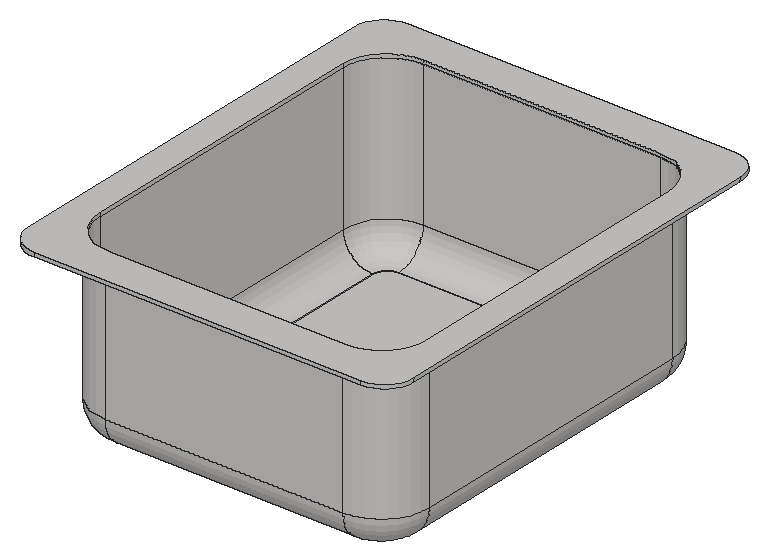
Revit family "QF_Vollrath_212560", category Specialty Equipment, Revit 2016
Family settings
  Part Type = Normal
  Round Connector Dimension = Use Diameter
  OmniClass Number = 23.40.40.14.31
  OmniClass Title = Cleaning and Disposal Equipment
  Work Plane-Based = Yes
  Always vertical = Yes
  Cut with Voids When Loaded = No
  Shared = No
  Room Calculation Point = No
Parameters
  Width = 1' - 1"
  Weight in Pounds = 0
  Watermarked By = "http://revitwatermark.com"
  URL Cutsheet = ""
  Status [instance] = ""
  Specification by User [instance] = ""
  Specification by Manufacturer [instance] = ""
  Sink Width = 0' - 11"
  Sink Depth = 1' - 1 17/32"
  Sink Basin Depth = 0' - 6"
  Serial Number [instance] = ""
  Seismic Rating [instance] = ""
  SMACNA No [instance] = ""
  Revision Code [instance] = ""
  NAFEM Spec ID Number [instance] = ""
  Model = "212560"
  Masterspec [instance] = ""
  Manufacturer = "Vollrath"
  Item Number [instance] = "-"
  Installed By [instance] = ""
  Indirect Waste Size = 2"
  Indirect Waste Flow [instance] = 0.00 GPM
  Indirect Waste Connection Type [instance] = ""
  Indirect Waste Connection Height [instance] = 0' - 0"
  Furnished By [instance] = ""
  Foodservice Equipment Identifier [instance] = yes
  Description = "Bar Sink"  # constant formula
  Depth = 1' - 3 3/4"
  Default Elevation = 4' - 0"
  CSI MasterFormat = ""
  Assembly Code = ""
Reference planes (in)
  plane 1 "BACK": y = 0
  plane 2 "BOTTOM": z = 0
  plane 3 "LEFT": x = 0
  plane 4 "RIGHT": x = 13
  plane 5 "FRONT": y = -15.75
  plane 6: x = 6.5
  plane 7: y = -7.98437
  plane 8 "Sink Bottom": z = -6
  plane 9: y = -3.875
Forms (in)
  Sweep 1, solid, material "QF_Finishes_Stainless Steel"
    path origin (0, 0, 0) x (1, 0, 0) y (0, 1, 0)
      loop
        arc (2.5, -1.25) -> (1.43934, -1.68934) -> (1, -2.75) r 1.5
        line (1, -2.75) -> (1, -13)
        arc (1, -13) -> (1.43934, -14.06066) -> (2.5, -14.5) r 1.5
        line (2.5, -14.5) -> (10.5, -14.5)
        arc (10.5, -14.5) -> (11.56066, -14.06066) -> (12, -13) r 1.5
        line (12, -13) -> (12, -2.75)
        arc (12, -2.75) -> (11.56066, -1.68934) -> (10.5, -1.25) r 1.5
        line (10.5, -1.25) -> (2.5, -1.25)
    profile origin (6.5, -1.25, 0) x (0, 1, 0) y (0, 0, 1)
      loop
        line (0, 0) -> (0, -4.875)
        arc (0, -4.875) -> (-0.29289, -5.58211) -> (-1, -5.875) r 1
        line (-1, -5.875) -> (-1, -6)
        arc (-1, -6) -> (-0.2045, -5.6705) -> (0.125, -4.875) r 1.125
        line (0.125, -4.875) -> (0.125, 0) -> (0, 0)
  Extrusion 2, solid, material "QF_Finishes_Stainless Steel"
    sketch origin (0, 0, 0) x (1, 0, 0) y (0, 1, 0)
      loop
        line (1, -15.75) -> (12, -15.75)
        arc (12, -15.75) -> (12.70711, -15.45711) -> (13, -14.75) r 1
        line (13, -14.75) -> (13, -1)
        arc (13, -1) -> (12.70711, -0.29289) -> (12, 0) r 1
        line (12, 0) -> (1, 0)
        arc (1, 0) -> (0.29289, -0.29289) -> (0, -1) r 1
        line (0, -1) -> (0, -14.75)
        arc (0, -14.75) -> (0.29289, -15.45711) -> (1, -15.75) r 1
      loop
        arc (12, -2.75) -> (11.56066, -1.68934) -> (10.5, -1.25) r 1.5
        line (10.5, -1.25) -> (2.5, -1.25)
        arc (2.5, -1.25) -> (1.43934, -1.68934) -> (1, -2.75) r 1.5
        line (1, -2.75) -> (1, -13)
        arc (1, -13) -> (1.43934, -14.06066) -> (2.5, -14.5) r 1.5
        line (2.5, -14.5) -> (10.5, -14.5)
        arc (10.5, -14.5) -> (11.56066, -14.06066) -> (12, -13) r 1.5
        line (12, -13) -> (12, -2.75)
    from 0 to 0.125
  Extrusion 3, solid, material "QF_Finishes_Stainless Steel"
    sketch origin (0, 0, -6) x (-1, 0, 0) y (0, -1, 0)
      loop
        line (-10.5, 2.25) -> (-2.5, 2.25)
        arc (-2.5, 2.25) -> (-2.14645, 2.39645) -> (-2, 2.75) r 0.5
        line (-2, 2.75) -> (-2, 13)
        arc (-2, 13) -> (-2.14645, 13.35355) -> (-2.5, 13.5) r 0.5
        line (-2.5, 13.5) -> (-10.5, 13.5)
        arc (-10.5, 13.5) -> (-10.85355, 13.35355) -> (-11, 13) r 0.5
        line (-11, 13) -> (-11, 2.75)
        arc (-11, 2.75) -> (-10.85355, 2.39645) -> (-10.5, 2.25) r 0.5
      loop
        circle (-6.5, 3.875) r 1
    from 0 to 0.125
Lines and regions (in)
  symbolic lines
    curve 1: line (1, 0, -6) -> (12, 0, -6)
    curve 2: arc (1, 0, -6) -> (0.29289, -0.29289, -6) -> (0, -1, -6) r 1
    curve 3: line (0, -14.75, -6) -> (0, -1, -6)
    curve 4: arc (0, -14.75, -6) -> (0.29289, -15.45711, -6) -> (1, -15.75, -6) r 1
    curve 5: line (12, -15.75, -6) -> (1, -15.75, -6)
    curve 6: arc (12, -15.75, -6) -> (12.70711, -15.45711, -6) -> (13, -14.75, -6) r 1
    curve 7: line (13, -1, -6) -> (13, -14.75, -6)
    curve 8: arc (13, -1, -6) -> (12.70711, -0.29289, -6) -> (12, 0, -6) r 1
  symbolic lines, style "QF_Surface Details"
    curve 9: circle (6.5, -3.875, -6) r 1 normal (0, 0, -1)
    curve 10: arc (5.5, -3.875, -6) -> (6.5, -2.875, -6) -> (7.5, -3.875, -6) r 1
    curve 11: line (10.5, -1.25, -6) -> (2.5, -1.25, -6)
    curve 12: arc (1, -2.75, -6) -> (1.43934, -1.68934, -6) -> (2.5, -1.25, -6) r 1.5
    curve 13: line (1, -2.75, -6) -> (1, -13, -6)
    curve 14: arc (2.5, -14.5, -6) -> (1.43934, -14.06066, -6) -> (1, -13, -6) r 1.5
    curve 15: line (2.5, -14.5, -6) -> (10.5, -14.5, -6)
    curve 16: arc (12, -13, -6) -> (11.56066, -14.06066, -6) -> (10.5, -14.5, -6) r 1.5
    curve 17: line (12, -13, -6) -> (12, -2.75, -6)
    curve 18: arc (10.5, -1.25, -6) -> (11.56066, -1.68934, -6) -> (12, -2.75, -6) r 1.5
Dimensions and locks (in)
  "Width": plane 3 "LEFT" to plane 4 "RIGHT"
  "Depth": plane 5 "FRONT" to plane 1 "BACK"
  "Sink Basin Depth": level to plane 8 "Sink Bottom"
  level to Sweep 1 sketch curve = 0' - 0"
  locked: plane 8 "Sink Bottom" to Sweep 1 sketch curve at 0.125
  aligned and locked: level to plane 2 "BOTTOM"
  aligned and locked: plane 8 "Sink Bottom" to Sweep 1 sketch curve
  aligned and locked: Extrusion 2 sketch curve to plane 3 "LEFT"
  aligned and locked: plane 5 "FRONT" to Extrusion 2 sketch curve
  aligned and locked: plane 4 "RIGHT" to Extrusion 2 sketch curve
  aligned and locked: Extrusion 2 sketch curve to plane 1 "BACK"
  aligned and locked: Sweep 1 sketch curve to Extrusion 2  (x4)
  aligned and locked: Extrusion 3 sketch curve to Sweep 1  (x4)
Automatic sketch dimensions
  Sweep 1 sketch curve to Sweep 1 sketch curve = 0' - 1"
  Sweep 1 sketch curve to Sweep 1 sketch curve = 0' - 0"  (x2)
  Sweep 1 sketch curve to profile plane = 0' - 0"
  plane 3 "LEFT" to Extrusion 2 sketch curve = 0' - 1"  (x3)
  Extrusion 2 sketch curve to Extrusion 2 sketch curve = 0' - 1 1/2"  (x2)
  plane 1 "BACK" to Extrusion 2 sketch curve = 0' - 1 1/4"
  Extrusion 2 sketch curve to plane 4 "RIGHT" = 0' - 2 1/2"  (x2)
  Extrusion 2 sketch curve to plane 5 "FRONT" = 0' - 1 1/4"
  Extrusion 2 sketch curve to plane 4 "RIGHT" = 0' - 1"  (x3)
  plane 3 "LEFT" to Sweep 1 sketch curve = 0' - 2 1/2"
  Sweep 1 sketch curve to Sweep 1 sketch curve = 0' - 1 1/2"  (x2)
  Sweep 1 sketch curve to plane 4 "RIGHT" = 0' - 2 1/2"
  Extrusion 3 sketch curve to plane 6 = 0' - 0"
  plane 9 to Extrusion 3 sketch curve = 0' - 0"
  Extrusion 3 sketch curve to Extrusion 3 sketch curve = 0' - 0 1/2"  (x4)
  curve 6 to plane 4 "RIGHT" = 0' - 0"
  plane 5 "FRONT" to curve 5 = 0' - 0"
  plane 1 "BACK" to curve 8 = 0' - 0"
  curve 9 to plane 6 = 0' - 0"
  curve 3 to plane 3 "LEFT" = 0' - 0"
  plane 9 to curve 9 = 0' - 0"
  curve 5 to plane 4 "RIGHT" = 0' - 1"
  plane 1 "BACK" to curve 8 = 0' - 1"
  plane 3 "LEFT" to curve 5 = 0' - 1"
  plane 1 "BACK" to curve 2 = 0' - 1"
  curve 9 to curve 10 = 0' - 0"  (x2)
  curve 10 to curve 9 = 0' - 1"
  curve 12 to plane 9 = 0' - 1 1/8"
  curve 12 to curve 2 = 0' - 1 1/2"
  plane 3 "LEFT" to curve 12 = 0' - 1"
  curve 13 to curve 4 = 0' - 1 3/4"
  curve 14 to plane 5 "FRONT" = 0' - 1 1/4"
  curve 6 to curve 15 = 0' - 1 1/2"
  curve 16 to plane 4 "RIGHT" = 0' - 1"
  curve 17 to plane 9 = 0' - 1 1/8"
  radius of Extrusion 3 sketch curve = 0' - 1"
  radius of curve 9 = 0' - 1"
Connectors (in)
  piping at (6.5, -3.875, -6), diameter 2, driven by "Indirect Waste Flow"
    settings: on Extrusion 3, index 1, connector inside diameter 2", connector length 0' - 0", flow factor 0, pipe flow 0.00 GPM, pressure drop 0.00 psi, fitting loss kfactor 0, connector angle 0.00°, fixture units 0, engagement length 0' - 0", angle of deflection 0.00°, flow configuration 1, flow direction 2, fitting loss method 0, system type 16, joint type 0, gender type 0, connector reference index -1, connector utility 0, adjustable connector no, is connector primary yes, connector description "IW"
